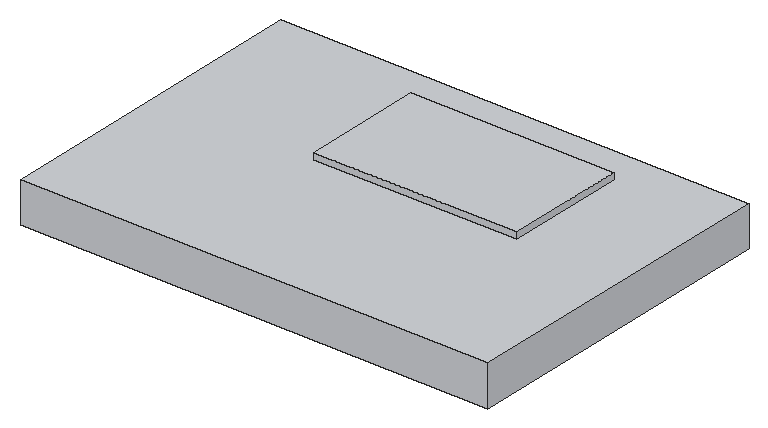
Revit family
Parameters
  Width = 0' - 1 15/16"
  URL = "www.coldspringgranite.com"
  TypicalJointSize = 0' - 0 1/4"
  StoneMaterial = none
  SettingSpace = AirGap + Width  # 0' - 3"
  Product Name = "Wall Facing Stone Panels with Square Edges"
  Product Documentation Link = "http://www.coldspringgranite.com/BIM_Families/Family_Detail/Wall_Facing_Stone_Panels_with_Square_Edges/"
  PhoneNumber = "800-551-7502"
  Notes = ""
  Model = "N/A"
  Manufacturer = "Cold Spring Granite Company"
  Low Emitting Material = yes
  Low Emitting Finish = yes
  Location = "17482 Granite West Road, Cold Spring, MN 56320-4578"
  Length = 5' - 0"
  LEED Credit = ""
  Keynote = "044256"
  JointTopOff = no
  JointTop = if(JointTopOff, 0' 0", TypicalJointSize / 2)  # 0' - 0 1/8"
  JointRightOff = no
  JointRight = if(JointRightOff, 0' 0", TypicalJointSize / 2)  # 0' - 0 1/8"
  JointLeftOff = no
  JointLeft = if(JointLeftOff, 0' 0", TypicalJointSize / 2)  # 0' - 0 1/8"
  JointBottomOff = no
  JointBottom = if(JointBottomOff, 0' 0", TypicalJointSize / 2)  # 0' - 0 1/8"
  Height = 3' - 0"
  Description = "Stone Wall Facing"
  Default Elevation = 0' - 0"
  Assembly Code = "B2010160"
  AirGap = 0' - 1 1/16"
Reference planes (in)
  plane 1 "Center (Front/Back)": y = 0
  plane 2: z = 0
  plane 3 "Center (Left/Right)": x = 0
  plane 4 "StoneTop": y = 35.875
  plane 5 "StoneRight": x = 59.875
  plane 6 "StoneLeft": x = 0.125
  plane 7 "StoneBottom": y = 0.125
  plane 8 "StoneBack": z = 1.0625
  plane 9 "StoneFace": z = 3
  plane 10 "JointRightCenter": x = 60
  plane 11 "JointTopCenter": y = 36
Forms (in)
  Extrusion 1, solid
    sketch origin (0, 0, 0) x (1, 0, 0) y (0, 1, 0)
      loop
        line (-48, 48) -> (-48, -48) -> (90.00516, -48) -> (90.00516, 48) -> (-48, 48)
    from 0 to -12
  Extrusion 2, solid, material <- "StoneMaterial", detail levels medium+fine
    sketch origin (0, 0, 0) x (1, 0, 0) y (0, 1, 0)
      loop
        line (0.125, 35.875) -> (0.125, 0.125) -> (59.875, 0.125) -> (59.875, 35.875) -> (0.125, 35.875)
    from 1.0625 to 3
  Extrusion 3, solid, material <- "StoneMaterial", detail levels coarse
    sketch origin (0, 0, 0) x (1, 0, 0) y (0, 1, 0)
      loop
        line (0, 36) -> (0, 0) -> (60, 0) -> (60, 36) -> (0, 36)
    from 1.0625 to 3
Lines and regions (in)
  Masking region 1, detail levels medium+fine
    outline origin (0, 0, 3) x (0, 1, 0) y (-1, 0, 0)
      loop
        line (35.875, -0.125) -> (0.125, -0.125) -> (0.125, -59.875) -> (35.875, -59.875) -> (35.875, -0.125)
  Masking region 2, detail levels coarse
    outline origin (0, 0, 3) x (0, 1, 0) y (-1, 0, 0)
      loop
        line (36, -60) -> (36, 0) -> (0, 0) -> (0, -60) -> (36, -60)
  Masking region 3, detail levels medium+fine
    outline origin (0.125, 0, 0) x (0, 1, 0) y (0, 0, 1)
      loop
        line (0.125, 3) -> (0.125, 1.0625) -> (35.875, 1.0625) -> (35.875, 3) -> (0.125, 3)
  Masking region 4, detail levels coarse
    outline origin (0.125, 0, 0) x (0, 1, 0) y (0, 0, 1)
      loop
        line (0, 3) -> (0, 1.0625) -> (36, 1.0625) -> (36, 3) -> (0, 3)
  Masking region 5, detail levels medium+fine
    outline origin (59.875, 0, 0) x (0, 1, 0) y (0, 0, 1)
      loop
        line (35.875, 3) -> (0.125, 3) -> (0.125, 1.0625) -> (35.875, 1.0625) -> (35.875, 3)
  Masking region 6, detail levels coarse
    outline origin (59.875, 0, 0) x (0, 1, 0) y (0, 0, 1)
      loop
        line (36, 3) -> (0, 3) -> (0, 1.0625) -> (36, 1.0625) -> (36, 3)
  Masking region 7, detail levels coarse
    outline origin (0, 0.125, 0) x (-1, 0, 0) y (0, 0, 1)
      loop
        line (-60, 3) -> (-60, 1.0625) -> (0, 1.0625) -> (0, 3) -> (-60, 3)
  Masking region 8, detail levels medium+fine
    outline origin (1.125, 0.125, 0) x (-1, 0, 0) y (0, 0, 1)
      loop
        line (1, 3) -> (-58.75, 3) -> (-58.75, 1.0625) -> (1, 1.0625) -> (1, 3)
  Masking region 9, detail levels coarse
    outline origin (0, 35.875, 0) x (1, 0, 0) y (0, 0, 1)
      loop
        line (0, 3) -> (0, 1.0625) -> (60, 1.0625) -> (60, 3) -> (0, 3)
  Masking region 10, detail levels medium+fine
    outline origin (0, 35.875, 0) x (1, 0, 0) y (0, 0, 1)
      loop
        line (59.875, 3) -> (0.125, 3) -> (0.125, 1.0625) -> (59.875, 1.0625) -> (59.875, 3)
Dimensions and locks (in)
  "Width": plane 9 "StoneFace" to plane 8 "StoneBack"
  "SettingSpace": plane 9 "StoneFace" to plane 2
  "JointBottom": plane 1 "Center (Front/Back)" to plane 7 "StoneBottom"
  "JointTop": plane 4 "StoneTop" to plane 11 "JointTopCenter"
  "JointLeft": plane 3 "Center (Left/Right)" to plane 6 "StoneLeft"
  "JointRight": plane 5 "StoneRight" to plane 10 "JointRightCenter"
  "Height": plane 11 "JointTopCenter" to plane 1 "Center (Front/Back)"
  "Length": plane 3 "Center (Left/Right)" to plane 10 "JointRightCenter"
  aligned and locked: Extrusion 1 to plane 2
  aligned and locked: Extrusion 1 to level
  aligned and locked: Masking region 5 sketch curve to Masking region 3  (x4)
  aligned and locked: Masking region 6 sketch curve to Masking region 4  (x4)
  aligned and locked: Masking region 9 sketch curve to Masking region 7  (x4)
  aligned and locked: Masking region 10 sketch curve to Masking region 8  (x4)
  aligned and locked: Masking region 2 to plane 11 "JointTopCenter"
  aligned and locked: Masking region 1 to plane 4 "StoneTop"
  aligned and locked: Masking region 2 to plane 3 "Center (Left/Right)"
  aligned and locked: Masking region 1 to plane 6 "StoneLeft"
  aligned and locked: plane 10 "JointRightCenter" to Masking region 2
  aligned and locked: plane 5 "StoneRight" to Masking region 1
  aligned and locked: plane 3 "Center (Left/Right)" to Masking region 7
  aligned and locked: plane 6 "StoneLeft" to Masking region 8
  aligned and locked: Masking region 7 to plane 9 "StoneFace"
  aligned and locked: Masking region 8 to plane 9 "StoneFace"
  aligned and locked: Masking region 7 to plane 8 "StoneBack"
  aligned and locked: Masking region 8 to plane 8 "StoneBack"
  aligned and locked: Masking region 8 to plane 5 "StoneRight"
  aligned and locked: Masking region 7 to plane 10 "JointRightCenter"
  aligned and locked: Masking region 4 to plane 11 "JointTopCenter"
  aligned and locked: plane 4 "StoneTop" to Masking region 3
  aligned and locked: Masking region 4 to plane 9 "StoneFace"
  aligned and locked: Masking region 3 to plane 9 "StoneFace"
  aligned and locked: Masking region 4 to plane 1 "Center (Front/Back)"
  aligned and locked: plane 7 "StoneBottom" to Masking region 3
  aligned and locked: plane 8 "StoneBack" to Masking region 4
  aligned and locked: plane 8 "StoneBack" to Masking region 3
  aligned and locked: plane 5 "StoneRight" to Extrusion 2
  aligned and locked: Extrusion 2 to plane 4 "StoneTop"
  aligned and locked: Extrusion 2 to plane 7 "StoneBottom"
  aligned and locked: Extrusion 2 to plane 6 "StoneLeft"
  aligned and locked: Extrusion 2 to plane 8 "StoneBack"
  aligned and locked: Extrusion 2 to plane 9 "StoneFace"
  aligned and locked: Extrusion 3 to plane 3 "Center (Left/Right)"
  aligned and locked: Extrusion 3 to plane 11 "JointTopCenter"
  aligned and locked: plane 10 "JointRightCenter" to Extrusion 3
  aligned and locked: plane 1 "Center (Front/Back)" to Extrusion 3
  aligned and locked: Extrusion 3 to plane 8 "StoneBack"
  aligned and locked: Extrusion 3 to plane 9 "StoneFace"
Automatic sketch dimensions
  Extrusion 1 sketch curve to Extrusion 1 sketch curve = 11' - 6.00516"
  Extrusion 1 sketch curve to Extrusion 1 sketch curve = 8' - 0"
  plane 1 "Center (Front/Back)" to Masking region 2 sketch curve = 0' - 0"
  Masking region 2 sketch curve to plane 3 "Center (Left/Right)" = 0' - 0"
  plane 11 "JointTopCenter" to Masking region 2 sketch curve = 0' - 0"
  plane 10 "JointRightCenter" to Masking region 2 sketch curve = 0' - 0"
  plane 1 "Center (Front/Back)" to Masking region 4 sketch curve = 0' - 0"
  Masking region 4 sketch curve to plane 8 "StoneBack" = 0' - 0"
  plane 11 "JointTopCenter" to Masking region 4 sketch curve = 0' - 0"
  plane 9 "StoneFace" to Masking region 4 sketch curve = 0' - 0"
  plane 9 "StoneFace" to Masking region 7 sketch curve = 0' - 0"
  plane 10 "JointRightCenter" to Masking region 7 sketch curve = 0' - 0"
  Masking region 7 sketch curve to plane 3 "Center (Left/Right)" = 0' - 0"
  Masking region 7 sketch curve to plane 8 "StoneBack" = 0' - 0"
  plane 6 "StoneLeft" to Masking region 1 sketch curve = 0' - 0"
  plane 7 "StoneBottom" to Masking region 1 sketch curve = 0' - 0"
  plane 4 "StoneTop" to Masking region 1 sketch curve = 0' - 0"
  Masking region 1 sketch curve to plane 5 "StoneRight" = 0' - 0"
  Masking region 3 sketch curve to plane 7 "StoneBottom" = 0' - 0"
  Masking region 3 sketch curve to plane 4 "StoneTop" = 0' - 0"
  Masking region 3 sketch curve to plane 8 "StoneBack" = 0' - 0"
  plane 9 "StoneFace" to Masking region 3 sketch curve = 0' - 0"
  plane 5 "StoneRight" to Masking region 8 sketch curve = 0' - 0"
  plane 6 "StoneLeft" to Masking region 8 sketch curve = 0' - 0"
  Masking region 8 sketch curve to plane 8 "StoneBack" = 0' - 0"
  plane 9 "StoneFace" to Masking region 8 sketch curve = 0' - 0"
  plane 6 "StoneLeft" to Extrusion 2 sketch curve = 0' - 0"
  Extrusion 2 sketch curve to plane 5 "StoneRight" = 0' - 0"
  plane 7 "StoneBottom" to Extrusion 2 sketch curve = 0' - 0"
  plane 4 "StoneTop" to Extrusion 2 sketch curve = 0' - 0"
  Extrusion 3 sketch curve to plane 6 "StoneLeft" = 0' - 0 1/8"
  plane 5 "StoneRight" to Extrusion 3 sketch curve = 0' - 0 1/8"
  Extrusion 3 sketch curve to plane 7 "StoneBottom" = 0' - 0 1/8"
  Extrusion 3 sketch curve to plane 4 "StoneTop" = 0' - 0 1/8"
Nested families (in)
  nested 1: "CopyRight" at (0, 0, 0), type "CopyRight"
Definition of nested family "CopyRight"
  Parameters (values of type "CopyRight")
    CopyRight = "Cold Spring Granite Company"
  Reference planes (in)
    plane 1: z = 0
